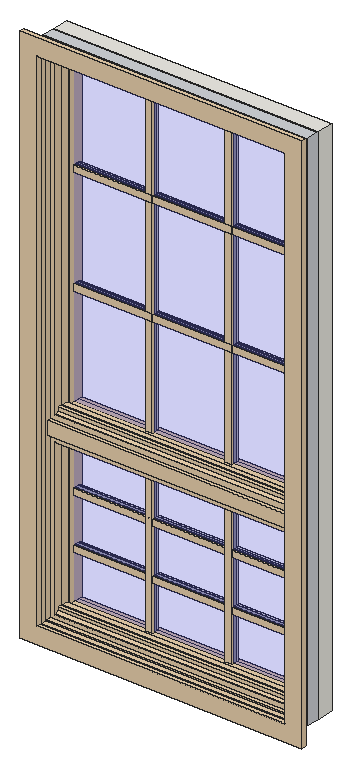
Revit family "1 Window-Awning-Andersen-400_Series_Stacked", category Windows, host Wall, Revit 2014 (continued)
Dimensions and locks (in)
  locked: plane 63 "T Int Frame" to plane 7 "T Frame" at 1.11
  locked: plane 6 "B Frame" to plane 64 "B Int Frame" at 0.985
  locked: plane 65 "L Int Frame" to plane 5 "L Frame" at 1.109
  locked: plane 4 "R Frame" to plane 66 "R Int Frame" at 1.109
  locked: Extrusion 11 sketch curve to plane 20 "R Stop" at 0.188
  locked: Extrusion 11 sketch curve to plane 61 "Stop S1" at 1  (x2)
  locked: plane 10 "L Stop" to Extrusion 11 sketch curve at 0.188
  locked: plane 4 "R Frame" to Sweep 12 sketch curve at 1.09375
  "Step Jamb2": plane 49 "Frame S2" to Sweep 12 sketch curve
  "xjamb S1": host wall to plane 58 "Xjamb S1"
  "Head Stop Dim": plane 67 "T Stop" to plane 7 "T Frame"
  "Sill Stop Dim": plane 6 "B Frame" to plane 68 "B Stop"
  equal spacing: plane 64 "B Int Frame", curve 91, plane 62 "T Sash"
  locked: cut or joined group of Extrusion 10, Extrusion 11, Sweep 12, Extrusion 13, Extrusion 14 to Extrusion 10 sketch curve at 1.515
  locked: plane 48 "Sash1 S2" to Extrusion 10 sketch curve at 0.267
  locked: plane 48 "Sash1 S2" to Extrusion 10 sketch curve at 1
  locked: Extrusion 10 sketch curve to Extrusion 10 sketch curve at 0.077
  locked: Extrusion 10 sketch curve to Extrusion 10 sketch curve at 0.56794
  locked: Extrusion 10 sketch curve to Extrusion 10 sketch curve at 0.41084
  locked: Extrusion 10 sketch curve to Extrusion 10 sketch curve at 0.28306
  locked: Extrusion 10 sketch curve to Extrusion 10 sketch curve at 0.751
  locked: plane 48 "Sash1 S2" to Extrusion 10 sketch curve at 2
  locked: Extrusion 13 sketch curve to plane 63 "T Int Frame" at 0.795
  locked: Extrusion 13 sketch curve to plane 63 "T Int Frame" at 1.15563
  locked: plane 48 "Sash1 S2" to Extrusion 13 sketch curve at 1
  locked: Masking region 5 sketch curve to plane 6 "B Frame" at 0.1875
  locked: Extrusion 5 sketch curve to plane 6 "B Frame" at 0.1875
  "Step Jamb2": plane 49 "Frame S2" to Masking region 11 sketch curve
  plane 38 "B Ext Frame" to plane 68 "B Stop" = 0' - 1.93689"
  locked: Extrusion 14 sketch curve to Extrusion 14 sketch curve at 4.46878
  locked: Extrusion 14 sketch curve to Extrusion 14 sketch curve at 0.361
  locked: Extrusion 14 sketch curve to Extrusion 14 sketch curve at 0.795
  locked: Extrusion 14 sketch curve to Extrusion 14 sketch curve at 1.79778
  locked: Extrusion 14 sketch curve to Extrusion 14 sketch curve at 0.687
  locked: Extrusion 14 sketch curve to Extrusion 14 sketch curve at 0.34016
  locked: Extrusion 14 sketch curve to Extrusion 14 sketch curve at 0.41084
  locked: Extrusion 14 sketch curve to Extrusion 14 sketch curve at 2.518
  locked: Extrusion 14 sketch curve to Extrusion 14 sketch curve at 1  (x2)
  locked: Extrusion 14 sketch curve to Extrusion 14 sketch curve at 0.29135
  locked: Extrusion 14 sketch curve to Extrusion 14 sketch curve at 0.70865
  locked: Extrusion 14 sketch curve to Extrusion 14 sketch curve at 0.56794
  locked: Extrusion 14 sketch curve to Extrusion 14 sketch curve at 0.28306
  locked: Extrusion 14 sketch curve to Extrusion 14 sketch curve at 0.149
  locked: Extrusion 14 sketch curve to Extrusion 14 sketch curve at 0.30554
  locked: Extrusion 15 sketch curve to Extrusion 15 sketch curve at 2.312
  locked: Extrusion 15 sketch curve to Extrusion 15 sketch curve at 2.07303  (x2)
  locked: Extrusion 15 sketch curve to Extrusion 15 sketch curve at 0.88378
  locked: Extrusion 15 sketch curve to Extrusion 15 sketch curve at 0.08989  (x2)
  equal spacing: Extrusion 15, plane 69 "Center of Intregal Mull", Extrusion 15, locked at 0.44189 each
  equal spacing: Extrusion 14, plane 69 "Center of Intregal Mull", Extrusion 14, locked at 0.89889 each
  equal spacing: curve 261, plane 69 "Center of Intregal Mull", curve 296, locked at 0.89889 each
  "XJoin": plane 6 "B Frame" to plane 69 "Center of Intregal Mull"
  locked: plane 40 "B Casing 1" to Masking region 5 sketch curve (angle 10.00°)
  locked: plane 40 "B Casing 1" to Masking region 6 sketch curve (angle 10.00°)
  locked: plane 40 "B Casing 1" to Extrusion 5 sketch curve (angle 10.00°)
  aligned and locked: level to plane 2
  aligned and locked: plane 7 "T Frame" to Extrusion 1 sketch curve
  aligned and locked: plane 5 "L Frame" to Extrusion 1 sketch curve
  aligned and locked: Extrusion 1 sketch curve to plane 4 "R Frame"
  aligned and locked: Extrusion 1 sketch curve to plane 6 "B Frame"
  aligned and locked: host wall to Extrusion 1
  aligned and locked: plane 47 "Flange" to Extrusion 1
  aligned and locked: Masking region 1 sketch curve to plane 46 "Frame S1"
  aligned and locked: Masking region 1 sketch curve to plane 4 "R Frame"
  aligned and locked: plane 5 "L Frame" to Masking region 1 sketch curve
  aligned and locked: plane 47 "Flange" to Masking region 2 sketch curve  (x2)
  aligned and locked: plane 4 "R Frame" to Masking region 2 sketch curve
  aligned and locked: plane 46 "Frame S1" to Masking region 2 sketch curve
  aligned and locked: Masking region 2 sketch curve to plane 5 "L Frame"
  aligned and locked: plane 17 "L Casing 4" to Masking region 2 sketch curve
  aligned and locked: Masking region 2 sketch curve to plane 44 "Casing S1"
  aligned and locked: plane 45 "Casing S2" to curve 1
  aligned and locked: plane 12 "L Casing 1" to curve 3
  aligned and locked: plane 46 "Frame S1" to curve 3
  aligned and locked: Masking region 2 sketch curve to plane 27 "R Casing 4"
  aligned and locked: plane 46 "Frame S1" to curve 8
  aligned and locked: Masking region 3 sketch curve to plane 4 "R Frame"
  aligned and locked: plane 5 "L Frame" to Masking region 3 sketch curve
  aligned and locked: Masking region 3 sketch curve to plane 51 "Exterior Offset"
  aligned and locked: plane 51 "Exterior Offset" to curve 9
  aligned and locked: plane 51 "Exterior Offset" to curve 10
  aligned and locked: host wall to curve 11
  aligned and locked: plane 7 "T Frame" to Masking region 4 sketch curve
  aligned and locked: Masking region 4 sketch curve to plane 6 "B Frame"
  aligned and locked: Masking region 4 sketch curve to plane 46 "Frame S1"
  aligned and locked: plane 46 "Frame S1" to Masking region 5 sketch curve
  aligned and locked: Masking region 5 sketch curve to plane 46 "Frame S1"
  aligned and locked: Masking region 5 sketch curve to plane 47 "Flange"
  aligned and locked: Masking region 5 sketch curve to plane 6 "B Frame"
  aligned and locked: plane 41 "B Casing 2" to Masking region 5 sketch curve
  aligned and locked: Masking region 6 sketch curve to plane 46 "Frame S1"
  aligned and locked: plane 44 "Casing S1" to Masking region 6 sketch curve
  aligned and locked: Masking region 6 sketch curve to plane 36 "T Casing 4"
  aligned and locked: Masking region 6 sketch curve to plane 47 "Flange"
  aligned and locked: plane 7 "T Frame" to Masking region 6 sketch curve
  aligned and locked: plane 45 "Casing S2" to curve 13
  aligned and locked: plane 31 "T Casing 1" to curve 15
  aligned and locked: plane 46 "Frame S1" to curve 15
  aligned and locked: plane 5 "L Frame" to curve 17
  aligned and locked: Masking region 3 sketch curve to host wall
  aligned and locked: plane 30 "T Xjamb 1" to Extrusion 3 sketch curve
  aligned and locked: plane 32 "T Xjamb 2" to Extrusion 3 sketch curve
  aligned and locked: Extrusion 3 sketch curve to plane 21 "R Xjamb 1"
  aligned and locked: Extrusion 3 sketch curve to plane 23 "R Xjamb 2"
  aligned and locked: plane 11 "L Xjamb 1" to Extrusion 3 sketch curve
  aligned and locked: plane 13 "L Xjamb 2" to Extrusion 3 sketch curve
  aligned and locked: Extrusion 3 sketch curve to plane 50 "B Xjamb 1"
  aligned and locked: Extrusion 3 sketch curve to plane 39 "B Xjamb 2"
  aligned and locked: plane 30 "T Xjamb 1" to Extrusion 4 sketch curve
  aligned and locked: plane 37 "T Int Casing" to Extrusion 4 sketch curve
  aligned and locked: Extrusion 4 sketch curve to plane 21 "R Xjamb 1"
  aligned and locked: Extrusion 4 sketch curve to plane 28 "R Int Casing"
  aligned and locked: plane 11 "L Xjamb 1" to Extrusion 4 sketch curve
  aligned and locked: plane 43 "L Int Casing" to Extrusion 4 sketch curve
  aligned and locked: Extrusion 4 sketch curve to plane 50 "B Xjamb 1"
  aligned and locked: Extrusion 4 sketch curve to plane 42 "B Int Casing"
  aligned and locked: Extrusion 4 to host wall
  aligned and locked: Extrusion 4 to plane 52 "Interior Casing"
  aligned and locked: plane 41 "B Casing 2" to Extrusion 5 sketch curve
  aligned and locked: plane 41 "B Casing 2" to Sweep 6 sketch curve  (x2)
  aligned and locked: plane 17 "L Casing 4" to Sweep 6 sketch curve  (x2)
  aligned and locked: Sweep 6 sketch curve to plane 27 "R Casing 4"
  aligned and locked: plane 36 "T Casing 4" to Sweep 6 sketch curve
  aligned and locked: plane 16 "L Casing 3" to Sweep 6 sketch curve
  aligned and locked: plane 45 "Casing S2" to Sweep 6 sketch curve
  aligned and locked: Sweep 6 sketch curve to plane 44 "Casing S1"
  aligned and locked: plane 47 "Flange" to Sweep 6 sketch curve
  aligned and locked: Sweep 6 sketch curve to plane 12 "L Casing 1"
  aligned and locked: Sweep 6 sketch curve to plane 45 "Casing S2"
  aligned and locked: plane 15 "L Casing 2" to Sweep 6 sketch curve
  aligned and locked: Extrusion 5 to plane 17 "L Casing 4"
  aligned and locked: plane 27 "R Casing 4" to Extrusion 5
  aligned and locked: plane 31 "T Casing 1" to Extrusion 7 sketch curve
  aligned and locked: plane 36 "T Casing 4" to Extrusion 7 sketch curve
  aligned and locked: plane 12 "L Casing 1" to Extrusion 7 sketch curve
  aligned and locked: plane 17 "L Casing 4" to Extrusion 7 sketch curve
  aligned and locked: Extrusion 7 sketch curve to plane 22 "R Casing 1"
  aligned and locked: Extrusion 7 sketch curve to plane 27 "R Casing 4"
  aligned and locked: Extrusion 7 sketch curve to plane 41 "B Casing 2"
  aligned and locked: plane 44 "Casing S1" to Extrusion 7
  aligned and locked: plane 47 "Flange" to Extrusion 7
  aligned and locked: Extrusion 5 sketch curve to plane 47 "Flange"
  aligned and locked: host wall to Masking region 7 sketch curve
  aligned and locked: plane 4 "R Frame" to Masking region 7 sketch curve
  aligned and locked: Masking region 7 sketch curve to plane 5 "L Frame"
  aligned and locked: plane 51 "Exterior Offset" to Masking region 7 sketch curve
  aligned and locked: plane 27 "R Casing 4" to Masking region 7 sketch curve
  aligned and locked: Masking region 7 sketch curve to plane 17 "L Casing 4"
  aligned and locked: host wall to curve 9
  aligned and locked: plane 7 "T Frame" to Extrusion 8 sketch curve
  aligned and locked: Extrusion 8 sketch curve to plane 4 "R Frame"
  aligned and locked: Extrusion 8 sketch curve to plane 6 "B Frame"
  aligned and locked: plane 5 "L Frame" to Extrusion 8 sketch curve
  aligned and locked: plane 29 "T Ext Frame" to Extrusion 8 sketch curve
  aligned and locked: Extrusion 8 sketch curve to plane 19 "R Ext Frame"
  aligned and locked: plane 9 "L Ext Frame" to Extrusion 8 sketch curve
  aligned and locked: Extrusion 8 sketch curve to plane 38 "B Ext Frame"
  aligned and locked: plane 46 "Frame S1" to Extrusion 8
  aligned and locked: plane 48 "Sash1 S2" to curve 8
  aligned and locked: plane 48 "Sash1 S2" to curve 7
  aligned and locked: plane 49 "Frame S2" to Masking region 1 sketch curve
  aligned and locked: plane 61 "Stop S1" to curve 69
  aligned and locked: plane 61 "Stop S1" to curve 67
  aligned and locked: Masking region 1 sketch curve to plane 49 "Frame S2"
  aligned and locked: plane 61 "Stop S1" to Masking region 4 sketch curve
  aligned and locked: plane 49 "Frame S2" to Masking region 4 sketch curve
  aligned and locked: Masking region 4 sketch curve to plane 49 "Frame S2"
  aligned and locked: Extrusion 8 to plane 48 "Sash1 S2"
  aligned and locked: plane 63 "T Int Frame" to Extrusion 9 sketch curve
  aligned and locked: plane 65 "L Int Frame" to Extrusion 9 sketch curve
  aligned and locked: Extrusion 9 sketch curve to plane 66 "R Int Frame"
  aligned and locked: Extrusion 9 sketch curve to plane 64 "B Int Frame"
  aligned and locked: Extrusion 9 sketch curve to plane 6 "B Frame"
  aligned and locked: Extrusion 9 sketch curve to plane 4 "R Frame"
  aligned and locked: plane 7 "T Frame" to Extrusion 9 sketch curve
  aligned and locked: plane 5 "L Frame" to Extrusion 9 sketch curve
  aligned and locked: plane 48 "Sash1 S2" to Extrusion 9
  aligned and locked: Extrusion 9 to plane 49 "Frame S2"
  aligned and locked: plane 66 "R Int Frame" to Extrusion 10
  aligned and locked: Extrusion 10 to plane 65 "L Int Frame"
  aligned and locked: Extrusion 11 sketch curve to plane 48 "Sash1 S2"
  aligned and locked: Extrusion 11 sketch curve to plane 66 "R Int Frame"
  aligned and locked: plane 61 "Stop S1" to Extrusion 11 sketch curve
  aligned and locked: plane 20 "R Stop" to Extrusion 11 sketch curve
  aligned and locked: plane 10 "L Stop" to Extrusion 11 sketch curve
  aligned and locked: plane 48 "Sash1 S2" to Extrusion 11 sketch curve
  aligned and locked: Extrusion 11 sketch curve to plane 65 "L Int Frame"
  aligned and locked: Extrusion 11 sketch curve to plane 61 "Stop S1"
  aligned and locked: plane 64 "B Int Frame" to Extrusion 11
  aligned and locked: Extrusion 11 to plane 63 "T Int Frame"
  aligned and locked: Masking region 1 sketch curve to plane 66 "R Int Frame"
  aligned and locked: Masking region 1 sketch curve to plane 65 "L Int Frame"
  aligned and locked: plane 7 "T Frame" to Sweep 12 sketch curve
  aligned and locked: plane 5 "L Frame" to Sweep 12 sketch curve
  aligned and locked: Sweep 12 sketch curve to plane 6 "B Frame"
  aligned and locked: Sweep 12 sketch curve to plane 4 "R Frame"
  aligned and locked: Sweep 12 sketch curve to plane 49 "Frame S2"
  aligned and locked: plane 58 "Xjamb S1" to Extrusion 3
  aligned and locked: host wall to Extrusion 3
  aligned and locked: Masking region 4 sketch curve to plane 63 "T Int Frame"
  aligned and locked: Masking region 4 sketch curve to plane 64 "B Int Frame"
  aligned and locked: plane 48 "Sash1 S2" to Extrusion 10 sketch curve
  aligned and locked: plane 64 "B Int Frame" to Extrusion 10 sketch curve
  aligned and locked: plane 60 "L Sash" to curve 91
  aligned and locked: plane 4 "R Frame" to curve 98
  aligned and locked: plane 5 "L Frame" to curve 98
  aligned and locked: host wall to curve 98
  aligned and locked: Masking region 8 sketch curve to plane 58 "Xjamb S1"  (x2)
  aligned and locked: Masking region 8 sketch curve to Sweep 12  (x3)
  aligned and locked: Masking region 8 sketch curve to plane 63 "T Int Frame"
  aligned and locked: Masking region 8 sketch curve to plane 61 "Stop S1"
  aligned and locked: plane 64 "B Int Frame" to Masking region 8 sketch curve
  aligned and locked: Masking region 9 sketch curve to plane 32 "T Xjamb 2"
  aligned and locked: plane 58 "Xjamb S1" to Masking region 9 sketch curve  (x2)
  aligned and locked: plane 63 "T Int Frame" to Masking region 9 sketch curve
  aligned and locked: plane 61 "Stop S1" to Masking region 9 sketch curve
  aligned and locked: Masking region 9 sketch curve to plane 64 "B Int Frame"
  aligned and locked: plane 39 "B Xjamb 2" to Masking region 9 sketch curve
  aligned and locked: host wall to Masking region 9 sketch curve
  aligned and locked: host wall to Masking region 10 sketch curve
  aligned and locked: Masking region 10 sketch curve to plane 42 "B Int Casing"
  aligned and locked: plane 52 "Interior Casing" to Masking region 10 sketch curve
  aligned and locked: plane 37 "T Int Casing" to Masking region 10 sketch curve
  aligned and locked: Sweep 12 to curve 102
  aligned and locked: plane 64 "B Int Frame" to curve 102
  aligned and locked: host wall to curve 103
  aligned and locked: plane 50 "B Xjamb 1" to curve 103
  aligned and locked: plane 52 "Interior Casing" to curve 104
  aligned and locked: plane 50 "B Xjamb 1" to curve 104
  aligned and locked: Sweep 12 to curve 99
  aligned and locked: plane 63 "T Int Frame" to curve 99
  aligned and locked: host wall to curve 100
  aligned and locked: plane 30 "T Xjamb 1" to curve 100
  aligned and locked: plane 52 "Interior Casing" to curve 101
  aligned and locked: plane 30 "T Xjamb 1" to curve 101
  aligned and locked: Masking region 11 sketch curve to plane 58 "Xjamb S1"  (x2)
  aligned and locked: plane 66 "R Int Frame" to Masking region 11 sketch curve
  aligned and locked: Masking region 11 sketch curve to plane 61 "Stop S1"
  aligned and locked: Masking region 11 sketch curve to plane 65 "L Int Frame"
  aligned and locked: Masking region 11 sketch curve to Sweep 12  (x2)
  aligned and locked: Masking region 12 sketch curve to plane 58 "Xjamb S1"  (x2)
  aligned and locked: plane 66 "R Int Frame" to Masking region 12 sketch curve
  aligned and locked: Masking region 12 sketch curve to plane 61 "Stop S1"
  aligned and locked: Masking region 12 sketch curve to plane 65 "L Int Frame"
  aligned and locked: plane 13 "L Xjamb 2" to Masking region 12 sketch curve
  aligned and locked: Masking region 12 sketch curve to host wall
  aligned and locked: Masking region 12 sketch curve to plane 23 "R Xjamb 2"
  aligned and locked: host wall to Masking region 13 sketch curve
  aligned and locked: plane 43 "L Int Casing" to Masking region 13 sketch curve
  aligned and locked: plane 52 "Interior Casing" to Masking region 13 sketch curve
  aligned and locked: Masking region 13 sketch curve to plane 28 "R Int Casing"
  aligned and locked: plane 58 "Xjamb S1" to curve 108
  aligned and locked: Sweep 12 to curve 108
  aligned and locked: plane 65 "L Int Frame" to curve 108
  aligned and locked: plane 58 "Xjamb S1" to curve 109
  aligned and locked: host wall to curve 109
  aligned and locked: plane 11 "L Xjamb 1" to curve 109
  aligned and locked: plane 52 "Interior Casing" to curve 110
  aligned and locked: plane 11 "L Xjamb 1" to curve 110
  aligned and locked: plane 58 "Xjamb S1" to curve 105
  aligned and locked: Sweep 12 to curve 105
  aligned and locked: plane 66 "R Int Frame" to curve 105
  aligned and locked: plane 58 "Xjamb S1" to curve 106
  aligned and locked: host wall to curve 106
  aligned and locked: plane 21 "R Xjamb 1" to curve 106
  aligned and locked: plane 52 "Interior Casing" to curve 107
  aligned and locked: plane 21 "R Xjamb 1" to curve 107
  aligned and locked: plane 61 "Stop S1" to Masking region 1 sketch curve
  aligned and locked: Extrusion 13 sketch curve to plane 63 "T Int Frame"
  aligned and locked: plane 48 "Sash1 S2" to Extrusion 13 sketch curve
  aligned and locked: Extrusion 13 sketch curve to plane 61 "Stop S1"
  aligned and locked: Extrusion 13 to plane 65 "L Int Frame"
  aligned and locked: plane 66 "R Int Frame" to Extrusion 13
  aligned and locked: plane 4 "R Frame" to curve 18
  aligned and locked: plane 47 "Flange" to curve 18
  aligned and locked: plane 5 "L Frame" to curve 50
  aligned and locked: curve 50 to plane 47 "Flange"
  aligned and locked: plane 6 "B Frame" to curve 89
  aligned and locked: plane 47 "Flange" to curve 89
  aligned and locked: plane 7 "T Frame" to curve 88
  aligned and locked: plane 47 "Flange" to curve 88
  aligned and locked: plane 25 "R Casing 2" to curve 5
  aligned and locked: plane 45 "Casing S2" to curve 4
  aligned and locked: plane 26 "R Casing 3" to curve 4
  aligned and locked: plane 44 "Casing S1" to curve 4
  aligned and locked: plane 15 "L Casing 2" to curve 2
  aligned and locked: plane 16 "L Casing 3" to curve 1
  aligned and locked: plane 34 "T Casing 2" to curve 14
  aligned and locked: plane 35 "T Casing 3" to curve 13
  aligned and locked: plane 44 "Casing S1" to curve 13
  aligned and locked: Extrusion 5 sketch curve to plane 6 "B Frame"
  aligned and locked: Masking region 6 sketch curve to cut or joined group of Extrusion 5, Sweep 6
  aligned and locked: Extrusion 7 sketch curve to plane 6 "B Frame"
  aligned and locked: plane 44 "Casing S1" to curve 16
  aligned and locked: plane 44 "Casing S1" to curve 17
  aligned and locked: plane 44 "Casing S1" to curve 188
  aligned and locked: plane 47 "Flange" to curve 188
  aligned and locked: plane 49 "Frame S2" to curve 189
  aligned and locked: plane 44 "Casing S1" to curve 186
  aligned and locked: plane 47 "Flange" to curve 186
  aligned and locked: plane 49 "Frame S2" to curve 187
  aligned and locked: plane 17 "L Casing 4" to curve 188
  aligned and locked: plane 5 "L Frame" to curve 189
  aligned and locked: plane 27 "R Casing 4" to curve 186
  aligned and locked: plane 4 "R Frame" to curve 187
  aligned and locked: plane 47 "Flange" to curve 190
  aligned and locked: plane 36 "T Casing 4" to curve 190
  aligned and locked: plane 46 "Frame S1" to curve 191
  aligned and locked: plane 7 "T Frame" to curve 191
  aligned and locked: plane 44 "Casing S1" to curve 192
  aligned and locked: plane 47 "Flange" to curve 192
  aligned and locked: plane 41 "B Casing 2" to curve 192
  aligned and locked: plane 46 "Frame S1" to curve 193
  aligned and locked: plane 6 "B Frame" to curve 193
  aligned and locked: plane 47 "Flange" to curve 187
  aligned and locked: plane 47 "Flange" to curve 189
  aligned and locked: plane 19 "R Ext Frame" to curve 7
  aligned and locked: plane 19 "R Ext Frame" to curve 68
  aligned and locked: plane 9 "L Ext Frame" to curve 8
  aligned and locked: plane 9 "L Ext Frame" to curve 66
  aligned and locked: plane 19 "R Ext Frame" to nested 1
  aligned and locked: nested 1 to plane 48 "Sash1 S2"
  aligned and locked: nested 1 to plane 29 "T Ext Frame"
  aligned and locked: nested 2 to plane 48 "Sash1 S2"
  aligned and locked: plane 38 "B Ext Frame" to nested 2
  aligned and locked: plane 9 "L Ext Frame" to nested 2
  aligned and locked: plane 46 "Frame S1" to Extrusion 15
  aligned and locked: Extrusion 14 to plane 61 "Stop S1"
  aligned and locked: curve 322 to plane 46 "Frame S1"
  aligned and locked: Extrusion 14 to plane 65 "L Int Frame"
  aligned and locked: Extrusion 15 to plane 9 "L Ext Frame"
  aligned and locked: plane 19 "R Ext Frame" to Extrusion 15
  aligned and locked: plane 66 "R Int Frame" to Extrusion 14
  aligned and locked: plane 29 "T Ext Frame" to curve 70
Automatic sketch dimensions
  curve 16 to curve 16 = 0' - 0 3/16"
  curve 147 to curve 149 = 0' - 0.655"
  curve 149 to curve 70 = 0' - 1.549"
  curve 71 to curve 143 = 0' - 0.107"
  curve 143 to curve 77 = 0' - 0.066"
  curve 77 to curve 86 = 0' - 0.626"
  curve 74 to curve 142 = 0' - 0.844"
  curve 87 to curve 76 = 0' - 0.371"
  curve 80 to curve 79 = 0' - 0.313"
  curve 79 to curve 78 = 0' - 0.187"
  curve 78 to curve 146 = 0' - 0.07303"
  curve 150 to curve 147 = 0' - 0.345"
  curve 72 to curve 72 = 0' - 0.345"
  curve 144 to curve 71 = 0' - 0.549"
  curve 76 to curve 83 = 0' - 0.096"
  curve 70 to curve 88 = 0' - 0.451"
  curve 84 to curve 86 = 0' - 0.096"
  curve 145 to curve 145 = 0' - 0.23897"
  curve 77 to curve 87 = 0' - 0.0062"
  curve 77 to curve 149 = 0' - 0.109"
  curve 86 to curve 85 = 0' - 0.25024"
  curve 73 to curve 149 = 0' - 0.361"
  curve 85 to curve 85 = 0' - 0.23255"
  curve 76 to curve 141 = 0' - 0.053"
  curve 76 to curve 143 = 0' - 0.4378"
  curve 150 to curve 147 = 0' - 0.545"
  curve 71 to curve 74 = 0' - 0.174"
  curve 147 to curve 72 = 0' - 0 1/4"
  curve 74 to curve 80 = 0' - 0.281"
  curve 80 to curve 79 = 0' - 0.156"
  curve 74 to curve 70 = 0' - 0.533"
  curve 70 to curve 146 = 0' - 0.08989"
  curve 82 to curve 86 = 0' - 0.0062"
  curve 77 to curve 83 = 0' - 0"
  curve 82 to curve 84 = 0' - 0.13544"
  curve 73 to curve 81 = 0' - 0.081"
  curve 144 to curve 75 = 0' - 0.217"
  curve 70 to curve 88 = 0' - 0.653"
  curve 88 to curve 88 = 0' - 1 5/8"
  curve 177 to curve 153 = 0' - 0.196"
  curve 177 to curve 179 = 0' - 0.28306"
  curve 154 to curve 185 = 0' - 0.27094"
  curve 154 to curve 180 = 0' - 0.56794"
  curve 180 to curve 181 = 0' - 0.733"
  curve 181 to curve 182 = 0' - 0.267"
  curve 156 to curve 175 = 0' - 0.549"
  curve 152 to curve 171 = 0' - 0.107"
  curve 171 to curve 158 = 0' - 0.066"
  curve 158 to curve 168 = 0' - 0.626"
  curve 155 to curve 161 = 0' - 0.844"
  curve 168 to curve 166 = 0' - 0.371"
  curve 161 to curve 160 = 0' - 0.313"
  curve 160 to curve 160 = 0' - 0.187"
  curve 159 to curve 174 = 0' - 0.07303"
  curve 178 to curve 177 = 0' - 0.149"
  curve 153 to curve 153 = 0' - 0.345"
  curve 185 to curve 179 = 0' - 0.047"
  curve 158 to curve 165 = 0' - 0.096"
  curve 151 to curve 89 = 0' - 0.451"
  curve 163 to curve 168 = 0' - 0.096"
  curve 173 to curve 173 = 0' - 0.23897"
  curve 173 to curve 151 = 0' - 0.08989"
  curve 151 to curve 160 = 0' - 0.096"
  curve 160 to curve 170 = 0' - 0.156"
  curve 151 to curve 153 = 0' - 0.457"
  curve 161 to curve 155 = 0' - 0.281"
  curve 155 to curve 175 = 0' - 0.174"
  curve 152 to curve 172 = 0' - 0.0882"
  curve 152 to curve 156 = 0' - 0.217"
  curve 175 to curve 177 = 0' - 0.437"
  curve 155 to curve 169 = 0' - 0.647"
  curve 171 to curve 157 = 0' - 0.4378"
  curve 177 to curve 185 = 0' - 0.267"
  curve 157 to curve 167 = 0' - 0.23255"
  curve 184 to curve 154 = 0' - 0.07316"
  curve 156 to curve 156 = 0' - 0.768"
  curve 166 to curve 167 = 0' - 0.25024"
  curve 157 to curve 162 = 0' - 0.489"
  curve 184 to curve 180 = 0' - 0.484"
  curve 156 to curve 181 = 0' - 0.28"
  curve 89 to curve 151 = 0' - 2.153"
  curve 89 to curve 151 = 0' - 0.528"
  curve 165 to curve 158 = 0' - 0.13544"
  curve 162 to curve 156 = 0' - 0.095"
  curve 183 to curve 179 = 0' - 0.296"
  curve 167 to curve 163 = 0' - 0.0062"
  curve 158 to curve 164 = 0' - 0"
  curve 111 to curve 111 = 0' - 0.05924"
  curve 111 to curve 24 = 0' - 0.094"
  curve 111 to curve 23 = 0' - 0.1128"
  curve 23 to curve 21 = 0' - 0.02383"
  curve 21 to curve 21 = 0' - 0.12559"
  curve 23 to curve 115 = 0' - 0.30812"
  curve 21 to curve 118 = 0' - 0.30153"
  curve 22 to curve 113 = 0' - 0.25884"
  curve 22 to curve 25 = 0' - 0.6057"
  curve 113 to curve 27 = 0' - 0.4"
  curve 19 to curve 92 = 0' - 0.531"
  curve 92 to curve 92 = 0' - 0.36"
  curve 26 to curve 26 = 0' - 0 5/8"
  curve 27 to curve 27 = 0' - 0 5/8"
  curve 18 to curve 111 = 0' - 2.04524"
  curve 18 to curve 111 = 0' - 0.54524"
  curve 117 to curve 113 = 0' - 0.291"
  curve 40 to curve 41 = 0' - 0.35617"
  curve 46 to curve 26 = 0' - 0.12475"
  curve 45 to curve 27 = 0' - 0"
  curve 44 to curve 26 = 0' - 0"
  curve 20 to curve 117 = 0' - 1.0675"
  curve 117 to curve 118 = 0' - 0.527"
  curve 20 to curve 28 = 0' - 0.722"
  curve 19 to curve 113 = 0' - 0.291"
  curve 27 to curve 26 = 0' - 0.626"
  curve 22 to curve 112 = 0' - 0.557"
  curve 21 to curve 115 = 0' - 0 1/8"
  curve 26 to curve 138 = 0' - 0.402"
  curve 23 to curve 111 = 0' - 0.275"
  curve 111 to curve 23 = 0' - 0.038"
  curve 40 to curve 138 = 0' - 0 1/4"
  curve 93 to curve 92 = 0' - 0.9325"
  curve 19 to curve 93 = 0' - 0"
  curve 27 to curve 45 = 0' - 0.096"
  curve 18 to curve 111 = 0' - 0 3/8"
  curve 44 to curve 26 = 0' - 0.096"
  curve 24 to curve 135 = 0' - 0.312"
  curve 119 to curve 119 = 0' - 0.05924"
  curve 119 to curve 35 = 0' - 0.094"
  curve 119 to curve 34 = 0' - 0.1128"
  curve 34 to curve 32 = 0' - 0.02383"
  curve 32 to curve 32 = 0' - 0.12559"
  curve 34 to curve 123 = 0' - 0.30812"
  curve 32 to curve 126 = 0' - 0.30153"
  curve 33 to curve 121 = 0' - 0.25884"
  curve 33 to curve 36 = 0' - 0.6057"
  curve 121 to curve 38 = 0' - 0.4"
  curve 30 to curve 94 = 0' - 0.531"
  curve 94 to curve 94 = 0' - 0.36"
  curve 37 to curve 37 = 0' - 0 5/8"
  curve 38 to curve 38 = 0' - 0 5/8"
  curve 29 to curve 119 = 0' - 2.04524"
  curve 29 to curve 119 = 0' - 0.54524"
  curve 125 to curve 121 = 0' - 0.291"
  curve 42 to curve 43 = 0' - 0.35617"
  curve 49 to curve 37 = 0' - 0.12475"
  curve 48 to curve 38 = 0' - 0"
  curve 47 to curve 37 = 0' - 0"
  curve 31 to curve 125 = 0' - 1.0675"
  curve 125 to curve 126 = 0' - 0.527"
  curve 31 to curve 39 = 0' - 0.722"
  curve 30 to curve 121 = 0' - 0.291"
  curve 38 to curve 37 = 0' - 0.626"
  curve 33 to curve 120 = 0' - 0.557"
  curve 32 to curve 123 = 0' - 0 1/8"
  curve 37 to curve 139 = 0' - 0.402"
  curve 34 to curve 119 = 0' - 0.275"
  curve 119 to curve 34 = 0' - 0.038"
  curve 42 to curve 139 = 0' - 0 1/4"
  curve 95 to curve 94 = 0' - 0.9325"
  curve 30 to curve 95 = 0' - 0"
  curve 38 to curve 48 = 0' - 0.096"
  curve 29 to curve 119 = 0' - 0 3/8"
  curve 47 to curve 37 = 0' - 0.096"
  curve 35 to curve 136 = 0' - 0.312"
  curve 127 to curve 127 = 0' - 0.05924"
  curve 127 to curve 56 = 0' - 0.094"
  curve 127 to curve 55 = 0' - 0.1128"
  curve 55 to curve 53 = 0' - 0.02383"
  curve 53 to curve 53 = 0' - 0.12559"
  curve 55 to curve 131 = 0' - 0.30812"
  curve 53 to curve 134 = 0' - 0.30153"
  curve 54 to curve 129 = 0' - 0.25884"
  curve 54 to curve 57 = 0' - 0.6057"
  curve 129 to curve 59 = 0' - 0.4"
  curve 51 to curve 96 = 0' - 0.531"
  curve 96 to curve 96 = 0' - 0.36"
  curve 58 to curve 58 = 0' - 0 5/8"
  curve 59 to curve 59 = 0' - 0 5/8"
  curve 50 to curve 127 = 0' - 2.04524"
  curve 50 to curve 127 = 0' - 0.54524"
  curve 133 to curve 129 = 0' - 0.291"
  curve 61 to curve 62 = 0' - 0.35617"
  curve 65 to curve 58 = 0' - 0.12475"
  curve 64 to curve 59 = 0' - 0"
  curve 63 to curve 58 = 0' - 0"
  curve 133 to curve 52 = 0' - 1.0675"
  curve 134 to curve 133 = 0' - 0.527"
  curve 60 to curve 52 = 0' - 0.722"
  curve 129 to curve 51 = 0' - 0.291"
  curve 58 to curve 59 = 0' - 0.626"
  curve 128 to curve 54 = 0' - 0.557"
  curve 131 to curve 53 = 0' - 0 1/8"
  curve 140 to curve 58 = 0' - 0.402"
  curve 127 to curve 55 = 0' - 0.275"
  curve 55 to curve 127 = 0' - 0.038"
  curve 140 to curve 61 = 0' - 0 1/4"
  curve 96 to curve 97 = 0' - 0.9325"
  curve 51 to curve 97 = 0' - 0"
  curve 64 to curve 59 = 0' - 0.096"
  curve 127 to curve 50 = 0' - 0 3/8"
  curve 58 to curve 63 = 0' - 0.096"
  curve 137 to curve 56 = 0' - 0.312"
  curve 221 to curve 197 = 0' - 0.196"
  curve 221 to curve 223 = 0' - 0.28306"
  curve 198 to curve 229 = 0' - 0.27094"
  curve 198 to curve 224 = 0' - 0.56794"
  curve 224 to curve 225 = 0' - 0.733"
  curve 225 to curve 226 = 0' - 0.267"
  curve 200 to curve 219 = 0' - 0.549"
  curve 196 to curve 215 = 0' - 0.107"
  curve 215 to curve 202 = 0' - 0.066"
  curve 202 to curve 212 = 0' - 0.626"
  curve 199 to curve 205 = 0' - 0.844"
  curve 212 to curve 210 = 0' - 0.371"
  curve 205 to curve 204 = 0' - 0.313"
  curve 204 to curve 204 = 0' - 0.187"
  curve 203 to curve 218 = 0' - 0.07303"
  curve 222 to curve 221 = 0' - 0.149"
  curve 197 to curve 197 = 0' - 0.345"
  curve 229 to curve 223 = 0' - 0.047"
  curve 202 to curve 209 = 0' - 0.096"
  curve 195 to curve 194 = 0' - 0.451"
  curve 207 to curve 212 = 0' - 0.096"
  curve 217 to curve 217 = 0' - 0.23897"
  curve 217 to curve 195 = 0' - 0.08989"
  curve 195 to curve 204 = 0' - 0.096"
  curve 204 to curve 214 = 0' - 0.156"
  curve 195 to curve 197 = 0' - 0.457"
  curve 205 to curve 199 = 0' - 0.281"
  curve 199 to curve 219 = 0' - 0.174"
  curve 196 to curve 216 = 0' - 0.0882"
  curve 196 to curve 200 = 0' - 0.217"
  curve 219 to curve 221 = 0' - 0.437"
  curve 199 to curve 213 = 0' - 0.647"
  curve 215 to curve 201 = 0' - 0.4378"
  curve 221 to curve 229 = 0' - 0.267"
  curve 201 to curve 211 = 0' - 0.23255"
  curve 228 to curve 198 = 0' - 0.07316"
  curve 200 to curve 200 = 0' - 0.768"
  curve 210 to curve 211 = 0' - 0.25024"
  curve 201 to curve 206 = 0' - 0.489"
  curve 228 to curve 224 = 0' - 0.484"
  curve 200 to curve 225 = 0' - 0.28"
  curve 194 to curve 195 = 0' - 2.153"
  curve 194 to curve 195 = 0' - 0.528"
  curve 209 to curve 202 = 0' - 0.13544"
  curve 206 to curve 200 = 0' - 0.095"
  curve 227 to curve 223 = 0' - 0.296"
  curve 211 to curve 207 = 0' - 0.0062"
  curve 202 to curve 208 = 0' - 0"
  curve 255 to curve 257 = 0' - 0.655"
  curve 257 to curve 230 = 0' - 1.549"
  curve 231 to curve 251 = 0' - 0.107"
  curve 251 to curve 237 = 0' - 0.066"
  curve 237 to curve 246 = 0' - 0.626"
  curve 234 to curve 250 = 0' - 0.844"
  curve 247 to curve 236 = 0' - 0.371"
  curve 240 to curve 239 = 0' - 0.313"
  curve 239 to curve 238 = 0' - 0.187"
  curve 238 to curve 254 = 0' - 0.07303"
  curve 258 to curve 255 = 0' - 0.345"
  curve 232 to curve 232 = 0' - 0.345"
  curve 252 to curve 231 = 0' - 0.549"
  curve 236 to curve 243 = 0' - 0.096"
  curve 230 to curve 248 = 0' - 0.451"
  curve 244 to curve 246 = 0' - 0.096"
  curve 253 to curve 253 = 0' - 0.23897"
  curve 237 to curve 247 = 0' - 0.0062"
  curve 237 to curve 257 = 0' - 0.109"
  curve 246 to curve 245 = 0' - 0.25024"
  curve 233 to curve 257 = 0' - 0.361"
  curve 245 to curve 245 = 0' - 0.23255"
  curve 236 to curve 249 = 0' - 0.053"
  curve 236 to curve 251 = 0' - 0.4378"
  curve 258 to curve 255 = 0' - 0.545"
  curve 231 to curve 234 = 0' - 0.174"
  curve 255 to curve 232 = 0' - 0 1/4"
  curve 234 to curve 240 = 0' - 0.281"
  curve 240 to curve 239 = 0' - 0.156"
  curve 234 to curve 230 = 0' - 0.533"
  curve 230 to curve 254 = 0' - 0.08989"
  curve 242 to curve 246 = 0' - 0.0062"
  curve 237 to curve 243 = 0' - 0"
  curve 242 to curve 244 = 0' - 0.13544"
  curve 233 to curve 241 = 0' - 0.081"
  curve 252 to curve 235 = 0' - 0.217"
  curve 230 to curve 248 = 0' - 0.653"
  curve 248 to curve 248 = 0' - 1 5/8"
  curve 285 to curve 261 = 0' - 0.71441"
  curve 285 to curve 287 = 0' - 0.80257"
  curve 262 to curve 293 = 0' - 0.28064"
  curve 262 to curve 288 = 0' - 0.57313"
  curve 288 to curve 289 = 0' - 0.733"
  curve 289 to curve 290 = 0' - 0.3869"
  curve 264 to curve 283 = 0' - 0.59033"
  curve 260 to curve 279 = 0' - 0.13866"
  curve 279 to curve 266 = 0' - 0.44275"
  curve 266 to curve 276 = 0' - 0.62603"
  curve 263 to curve 269 = 0' - 0.88955"
  curve 276 to curve 274 = 0' - 0.43786"
  curve 269 to curve 268 = 0' - 0.34972"
  curve 268 to curve 268 = 0' - 0.187"
  curve 267 to curve 282 = 0' - 0.19972"
  curve 286 to curve 285 = 0' - 0.149"
  curve 261 to curve 261 = 0' - 0.863"
  curve 293 to curve 287 = 0' - 0.29971"
  curve 266 to curve 273 = 0' - 0.16602"
  curve 271 to curve 276 = 0' - 0.096"
  curve 281 to curve 281 = 0' - 0.23897"
  curve 281 to curve 259 = 0' - 1.52668"
  curve 259 to curve 268 = 0' - 0.12062"
  curve 268 to curve 278 = 0' - 0.34972"
  curve 259 to curve 261 = 0' - 2.25088"
  curve 269 to curve 263 = 0' - 0.281"
  curve 263 to curve 283 = 0' - 0.20427"
  curve 260 to curve 280 = 0' - 0.13866"
  curve 260 to curve 264 = 0' - 0.59033"
  curve 283 to curve 285 = 0' - 0.47894"
  curve 263 to curve 277 = 0' - 0.81769"
  curve 279 to curve 265 = 0' - 0.44275"
  curve 285 to curve 293 = 0' - 0.61498"
  curve 265 to curve 275 = 0' - 0.23255"
  curve 292 to curve 262 = 0' - 0.28064"
  curve 264 to curve 264 = 0' - 0.768"
  curve 274 to curve 275 = 0' - 0.44751"
  curve 265 to curve 270 = 0' - 0.489"
  curve 292 to curve 288 = 0' - 0.56786"
  curve 264 to curve 289 = 0' - 0.3869"
  curve 273 to curve 266 = 0' - 0.16602"
  curve 270 to curve 264 = 0' - 0.095"
  curve 291 to curve 287 = 0' - 0.29971"
  curve 275 to curve 271 = 0' - 0.0962"
  curve 266 to curve 272 = 0' - 0.096"
  curve 318 to curve 320 = 0' - 1.11797"
  curve 320 to curve 294 = 0' - 1.99171"
  curve 295 to curve 314 = 0' - 0.13866"
  curve 314 to curve 301 = 0' - 0.44275"
  curve 301 to curve 310 = 0' - 0.62603"
  curve 298 to curve 313 = 0' - 0.88955"
  curve 311 to curve 300 = 0' - 0.371"
  curve 304 to curve 303 = 0' - 0.34972"
  curve 303 to curve 302 = 0' - 0.187"
  curve 302 to curve 317 = 0' - 0.12062"
  curve 321 to curve 318 = 0' - 0.64502"  (x2)
  curve 296 to curve 296 = 0' - 0.863"
  curve 315 to curve 295 = 0' - 0.59033"
  curve 300 to curve 307 = 0' - 0.096"
  curve 308 to curve 310 = 0' - 0.16099"
  curve 316 to curve 316 = 0' - 0.23897"
  curve 301 to curve 311 = 0' - 0.62603"
  curve 301 to curve 320 = 0' - 1.72545"
  curve 310 to curve 309 = 0' - 0.44751"
  curve 297 to curve 320 = 0' - 0.361"
  curve 309 to curve 309 = 0' - 0.23255"
  curve 300 to curve 312 = 0' - 0.28595"
  curve 300 to curve 314 = 0' - 0.44275"
  curve 295 to curve 298 = 0' - 0.20427"
  curve 318 to curve 296 = 0' - 0 1/4"
  curve 298 to curve 304 = 0' - 0.281"
  curve 304 to curve 303 = 0' - 0.52377"
  curve 298 to curve 294 = 0' - 0.54363"
  curve 294 to curve 317 = 0' - 0.08989"
  curve 306 to curve 310 = 0' - 0.0962"
  curve 301 to curve 307 = 0' - 0.096"
  curve 306 to curve 308 = 0' - 0.13544"
  curve 297 to curve 305 = 0' - 0.081"
  curve 315 to curve 299 = 0' - 0.217"
  curve 69 to plane 20 "R Stop" = 0' - 0"
  curve 66 to plane 10 "L Stop" = 0' - 0"
  curve 68 to plane 48 "Sash1 S2" = 0' - 0"
  curve 66 to plane 48 "Sash1 S2" = 0' - 0"
  curve 1 to plane 44 "Casing S1" = 0' - 0"
  curve 7 to plane 46 "Frame S1" = 0' - 0"
  curve 6 to plane 22 "R Casing 1" = 0' - 0"
  curve 6 to plane 46 "Frame S1" = 0' - 0"
  curve 17 to plane 46 "Frame S1" = 0' - 0"
  curve 16 to plane 4 "R Frame" = 0' - 0"
  curve 16 to plane 46 "Frame S1" = 0' - 0"
  host wall to curve 10 = 0' - 0"
  curve 9 to plane 20 "R Stop" = 0' - 0"
  curve 12 to plane 10 "L Stop" = 0' - 0"
  plane 68 "B Stop" to Extrusion 10 sketch curve = 0' - 0.28"
  Sweep 12 sketch curve to profile plane = 0' - 0"
  curve 90 to plane 38 "B Ext Frame" = 0' - 0"
  plane 59 "R Sash" to curve 90 = 0' - 0"
  plane 59 "R Sash" to curve 397 = 0' - 0"
  curve 396 to plane 3 "Center (Left/Right)" = 0' - 0"
  plane 60 "L Sash" to curve 396 = 0' - 0"
  plane 60 "L Sash" to curve 395 = 0' - 0"
  curve 91 to plane 3 "Center (Left/Right)" = 0' - 0.00163"
  plane 69 "Center of Intregal Mull" to curve 91 = 0' - 0 113/256"
  plane 62 "T Sash" to curve 397 = 0' - 0.10043"
  curve 91 to plane 38 "B Ext Frame" = 0' - 0.18664"
  curve 396 to plane 69 "Center of Intregal Mull" = 0' - 0.44189"
  curve 395 to curve 396 = 0' - 0"
  curve 397 to plane 69 "Center of Intregal Mull" = 0' - 0.44189"
  curve 190 to plane 44 "Casing S1" = 0' - 0"
  curve 193 to plane 49 "Frame S2" = 0' - 0"
  curve 191 to plane 49 "Frame S2" = 0' - 0"
  curve 100 to plane 58 "Xjamb S1" = 0' - 0"
  curve 99 to plane 58 "Xjamb S1" = 0' - 0"
  curve 103 to plane 58 "Xjamb S1" = 0' - 0"
  curve 102 to plane 58 "Xjamb S1" = 0' - 0"
  plane 52 "Interior Casing" to Extrusion 14 sketch curve = 0' - 4 3/16"
  Extrusion 14 sketch curve to plane 69 "Center of Intregal Mull" = 0' - 2.41389"
  plane 52 "Interior Casing" to Extrusion 15 sketch curve = 0' - 6.26053"
  plane 69 "Center of Intregal Mull" to Extrusion 15 sketch curve = 0' - 0.44189"
Nested families (in)
  nested 1: "Andersen_Sash_Panel" at (17.51725, 2.5625, 35.53841) x (-1, 0, 0) z (0, 0, 1), type "Andersen_Sash_Panel"
    with Material_Top_Setback 0' - 0 1/32", Material_Right_Setback 0' - 0 1/32", Material_Left_Setback 0' - 0 1/32", Material_Bottom_Setback 0' - 0 1/32", Stile_Right 0' - 1 3/4", Stile_Left 0' - 1 3/4", SingleVertLocation 1' - 3 49/64", SingleHorzLocation 1' - 9.31055", Rail_Top 0' - 1 23/32", Rail_Bottom 0' - 1 23/32", Panel_Height 3' - 10 15/256", DLOVertical 1' - 1.6237", DLOHorizontal 0' - 9.92708", BottomBarLocation 1' - 8.87305", BarLengthVertical 3' - 6 159/256", BarLengthHorizontal 2' - 7 17/32"
  nested 2: "Andersen_Sash_Panel" at (17.514, 2.5625, 11.18811) x (-1, 0, 0) z (0, 0, 1), type "Andersen_Sash_Panel 2"
    with Material_Top_Setback 0' - 0 1/32", Material_Right_Setback 0' - 0 1/32", Material_Left_Setback 0' - 0 1/32", Material_Bottom_Setback 0' - 0 1/32", Stile_Right 0' - 1 3/4", Stile_Left 0' - 1 3/4", SingleVertLocation 1' - 3 49/64", SingleHorzLocation 0' - 10 1/32", Rail_Top 0' - 1 23/32", Panel_Height 1' - 11 15/32", DLOVertical 0' - 6.10417", DLOHorizontal 0' - 9.92708", BottomBarLocation 0' - 9 19/32", BarLengthVertical 1' - 8 1/16", BarLengthHorizontal 2' - 7 17/32"
Definition of nested family "Andersen_Sash_Panel"
  Parameters (values of type "Andersen_Sash_Panel")
    VertBarQuantity = if(LightsWide < 3, 2, LightsWide - 1)  # 2
    TFL = if(Fractional_Lights_High > 5, 3, if(or(Fractional_Lights_High = 4, Fractional_Lights_High = 5), 2, if(or(Fractional_Lights_High = 2, Fractional_Lights_High = 3), 1, 1)))  # 2
    TFB = TFL - 1  # 1
    Stile_Right = 0' - 1 11/16"
    Stile_Left = 0' - 1 11/16"
    StandardLightsHigh = 3
    SingleVertLocation = (Panel_Width - Stile_Right - Stile_Left) / 2  # 1' - 3 53/64"
    SingleVertBarVisibility = LightsWide = 2  # no
    SingleHorzLocation = (BarLengthVertical) / 2  # 0' - 9 3/4"
    SingleHorBarVisibility = or(or(or(and(LightsHigh = 2, PatternNumber = 1), and(PatternNumber = 4, Fractional_Lights_High > 1)), and(PatternNumber = 5, Fractional_Lights_High > 1)), and(PatternNumber = 2, Fractional_Lights_High > 1))  # no
    S H Fractional = and(PatternNumber = 2, or(Fractional_Lights_High = 4, Fractional_Lights_High = 5))  # no
    Rail_Top = 0' - 1 11/16"
    Rail_Bottom = 0' - 1 11/16"
    PatternNumber = 1
    Panel_Width = 2' - 11 1/32"
    Panel_Thickness = 0' - 2"
    Panel_Height = 1' - 10 7/8"
    MultipleVertBar Visibility = and(not(PatternNumber = 0), LightsWide > 2)  # yes
    MultipleHorBarVisibility = or(or(PatternNumber = 3, and(LightsHigh > 2, PatternNumber = 1)), and(PatternNumber = 2, Fractional_Lights_High > 5))  # yes
    Material_Top_Setback [instance] = 0' - 0 1/32"
    Material_Right_Setback [instance] = 0' - 0 1/32"
    Material_Left_Setback [instance] = 0' - 0 1/32"
    Material_Interior = Wood - Andersen - Pine
    Material_Exterior = Vinyl - Andersen - White
    Material_Bottom_Setback [instance] = 0' - 0 1/32"
    LightsWide = if(PatternNumber = 3, 3, [- Lights Wide])  # 3
    LightsHigh = if(PatternNumber = 2, [- Lights High] - 1, if(PatternNumber = 3, 3, [- Lights High]))  # 3
    Interior Bar Thickness = 0' - 0 23/64"
    HorBarQuantity = if(LightsHigh < 3, 2, LightsHigh - 1)  # 2
    GrilleBarSizeInt = 4
    GrilleBarSize = 0' - 0 7/8"
    Glazing = Glass ‐ Andersen - Low-E4 SmartSun
    Glass SetBack = 0' - 0 167/256"
    Glass Pane Thickness = 0' - 0 3/32"
    Glass OA Thickness = 0' - 0 5/8"
    Fractional_Lights_Wide = 3
    Fractional_Lights_High = 5
    Exterior Bar Thickness = 0' - 0 77/256"
    DLOVertical = if(PatternNumber = 1, if(LightsHigh > 2, ((BarLengthVertical - (GrilleBarSize * (LightsHigh - 1))) / LightsHigh), 0' 4"), if(PatternNumber = 3, 0' 4", if(Fractional_Lights_High > 2, ((BarLengthVertical - (GrilleBarSize * 2)) / 3), 0' 4")))  # 0' - 5.91667"
    DLOHorizontal = if(PatternNumber = 3, 0' 4", ((Panel_Width - Stile_Right - Stile_Left) - (GrilleBarSize * VertBarQuantity)) / if(LightsWide > 2, LightsWide, 3))  # 0' - 9 31/32"
    BottomBarVisibility = and(PatternNumber = 2, or(Fractional_Lights_High = 4, Fractional_Lights_High = 5))  # no
    BottomBarLocation = if(PatternNumber = 1, ((Panel_Height - Rail_Top - Rail_Bottom) / 2) - (GrilleBarSize / 2), BarLengthVertical)  # 0' - 9 5/16"
    Between Glass Grille Bar Color = Stainless Steel - Andersen - Standard
    BarLengthVertical = if(or(PatternNumber = 5, PatternNumber = 2), ((((Panel_Height - Rail_Top - Rail_Bottom - (GrilleBarSize * (Fractional_Lights_High - 1))) / Fractional_Lights_High)) * TFL) + (TFB * GrilleBarSize) + Rail_Top, if(PatternNumber = 4, ((Panel_Height - Rail_Top - Rail_Bottom - (GrilleBarSize * (Fractional_Lights_High - 1))) / Fractional_Lights_High), Panel_Height - Rail_Top - Rail_Bottom))  # 1' - 7 1/2"
    BarLengthHorizontal = Panel_Width - Stile_Right - Stile_Left  # 2' - 7 21/32"
    BarIntVisibility = yes
    BarExtVisibility = yes
    BarBetweenGlassVisibility = yes
    - Lights Wide = 3
    - Lights High = 3
  Reference planes (in)
    plane 1 "Front": y = 0
    plane 2 "Bottom": z = 0
    plane 3 "Left": x = 0
    plane 4 "Top": z = 22.875
    plane 5 "Right": x = 35.03125
    plane 6 "Glazing Left": x = 1.6875
    plane 7 "Glazing Bottom": z = 1.6875
    plane 8 "Glazing Right": x = 33.34375
    plane 9 "Glazing Top": z = 21.1875
    plane 10 "GlazingA": y = 0.65234
    plane 11 "GlazingB": y = 1.27734
    plane 12 "Back": y = 2
    plane 13: z = 1.6875
  Forms (in)
    Extrusion 1, solid, material "Wood - Andersen - Pine" <- "Material_Interior"
      sketch origin (0, 0, 0) x (1, 0, 0) y (0, 0, 1)
        loop
          line (0, 22.875) -> (0, 0) -> (35.03125, 0) -> (35.03125, 22.875) -> (0, 22.875)
        loop
          line (1.6875, 21.1875) -> (1.6875, 1.6875) -> (33.34375, 1.6875) -> (33.34375, 21.1875) -> (1.6875, 21.1875)
      from -2 to 0
    Extrusion 2, solid, material "Glass ‐ Andersen - Low-E4 SmartSun" <- "Glazing"
      sketch origin (0, 0, 0) x (1, 0, 0) y (0, 0, 1)
        loop
          line (1.6875, 21.1875) -> (1.6875, 1.6875) -> (33.34375, 1.6875) -> (33.34375, 21.1875) -> (1.6875, 21.1875)
      from -1.27734 to -0.65234
  Lines and regions (in)
    Split face 1
      outline origin (0, 0, 22.875) x (1, 0, 0) y (0, 1, 0)
        loop
          line (0, 0.03125) -> (35.03125, 0.03125)
    Split face 2
      outline origin (35.03125, 0, 22.875) x (0, 0, -1) y (0, 1, 0)
        loop
          line (0, 0.03125) -> (22.875, 0.03125)
    Split face 3
      outline origin (0, 0, 0) x (0, 0, 1) y (0, 1, 0)
        loop
          line (22.875, 0.03125) -> (0, 0.03125)
    Split face 4
      outline origin (35.03125, 0, 0) x (0, 1, 0) y (-1, 0, 0)
        loop
          line (0.03125, 35.03125) -> (0.03125, 0)
    Split face 5
      outline origin (33.34375, 0.27734, 1.6875) x (-1, 0, 0) y (0, -1, 0)
        loop
          line (31.65625, -0.375) -> (0, -0.375)
        loop
          line (31.65625, -1) -> (0, -1)
    Split face 6
      outline origin (1.6875, 0, 1.6875) x (0, 0, 1) y (0, -1, 0)
        loop
          line (0, -0.65234) -> (19.5, -0.65234)
        loop
          line (19.5, -1.27734) -> (0, -1.27734)
    Split face 7
      outline origin (33.34375, 0, 21.1875) x (0, 0, -1) y (0, -1, 0)
        loop
          line (19.5, -0.65234) -> (0, -0.65234)
        loop
          line (0, -1.27734) -> (19.5, -1.27734)
    Split face 8
      outline origin (1.6875, 0, 21.1875) x (0, -1, 0) y (1, 0, 0)
        loop
          line (-0.65234, 0) -> (-0.65234, 31.65625)
        loop
          line (-1.27734, 0) -> (-1.27734, 31.65625)
    symbolic lines, style "WindowsGlassProjection", detail levels medium+fine
      curve 1: line (1.6875, 0.65234, 0) -> (33.34375, 0.65234, 0)
      curve 2: line (1.6875, 1.27734, 0) -> (33.34375, 1.27734, 0)
    symbolic lines, style "WindowsGlassProjection"
      curve 3: line (0, 0.65234, 21.1875) -> (0, 0.65234, 1.6875)
      curve 4: line (0, 1.27734, 21.1875) -> (0, 1.27734, 1.6875)
    symbolic lines, style "WindowsGlassProjection", detail levels fine
      curve 5: line (1.6875, 0.74609, 0) -> (33.34375, 0.74609, 0)
      curve 6: line (1.6875, 1.18359, 0) -> (33.34375, 1.18359, 0)
      curve 7: line (0, 1.18359, 21.1875) -> (0, 1.18359, 1.6875)
      curve 8: line (0, 0.74609, 21.1875) -> (0, 0.74609, 1.6875)
    symbolic lines, style "WindowsFrameMullionProjection", detail levels medium
      curve 9: line (0, 2, 0) -> (1.6875, 2, 0)
      curve 10: line (0, 0, 0) -> (0, 2, 0)
      curve 11: line (1.6875, 0, 0) -> (0, 0, 0)
      curve 12: line (1.6875, 2, 0) -> (1.6875, 0, 0)
      curve 13: line (33.34375, 2, 0) -> (35.03125, 2, 0)
      curve 14: line (33.34375, 0, 0) -> (33.34375, 2, 0)
      curve 15: line (35.03125, 0, 0) -> (33.34375, 0, 0)
      curve 16: line (35.03125, 2, 0) -> (35.03125, 0, 0)
  Dimensions and locks (in)
    "Panel_Width": plane 5 "Right" to plane 3 "Left"
    "Panel_Height": plane 4 "Top" to plane 2 "Bottom"
    "Stile_Left": plane 6 "Glazing Left" to plane 3 "Left"
    "Stile_Right": plane 5 "Right" to plane 8 "Glazing Right"
    "Rail_Bottom": plane 7 "Glazing Bottom" to plane 2 "Bottom"
    "Rail_Top": plane 4 "Top" to plane 9 "Glazing Top"
    "Panel_Thickness": plane 1 "Front" to plane 12 "Back"
    "Material_Top_Setback": Extrusion 1 to Split face 1 sketch curve
    "Material_Right_Setback": Extrusion 1 to Split face 2 sketch curve
    "Material_Left_Setback": Split face 3 sketch curve to Extrusion 1
    "Material_Bottom_Setback": Extrusion 1 to Split face 4 sketch curve
    "BarLengthVertical": plane 9 "Glazing Top" to plane 13
    plane 8 "Glazing Right" to plane 6 "Glazing Left" = 2' - 7 21/32"
    group 1 to group 2 = 0' - 10 27/32"
    group 1 to group 2 = 0' - 0"  (x2)
    "DLOHorizontal": nested 1 to plane 6 "Glazing Left"
    "DLOHorizontal": plane 8 "Glazing Right" to nested 2
    "Glass SetBack": plane 1 "Front" to plane 10 "GlazingA"
    "Glass Pane Thickness": curve 5 to plane 10 "GlazingA"
    "Glass OA Thickness": plane 11 "GlazingB" to plane 10 "GlazingA"
    "Glass Pane Thickness": plane 11 "GlazingB" to curve 6
    "Glass Pane Thickness": plane 11 "GlazingB" to curve 7
    "Glass Pane Thickness": curve 8 to plane 10 "GlazingA"
    "SingleVertLocation": nested 3 to plane 6 "Glazing Left"
    group 3 to group 4 = 0' - 0"  (x2)
    group 3 to group 4 = 0' - 6.79167"
    "DLOVertical": plane 9 "Glazing Top" to nested 6
    "DLOVertical": nested 5 to plane 13
    equal spacing: plane 9 "Glazing Top", nested 7, nested 4
    "BottomBarLocation": plane 9 "Glazing Top" to nested 4
    aligned and locked: plane 2 "Bottom" to level
    aligned and locked: Extrusion 1 sketch curve to plane 4 "Top"
    aligned and locked: Extrusion 1 sketch curve to plane 9 "Glazing Top"
    aligned and locked: Extrusion 1 sketch curve to plane 5 "Right"
    aligned and locked: Extrusion 1 sketch curve to plane 8 "Glazing Right"
    aligned and locked: plane 2 "Bottom" to Extrusion 1 sketch curve
    aligned and locked: plane 7 "Glazing Bottom" to Extrusion 1 sketch curve
    aligned and locked: plane 3 "Left" to Extrusion 1 sketch curve
    aligned and locked: plane 6 "Glazing Left" to Extrusion 1 sketch curve
    aligned and locked: plane 12 "Back" to Extrusion 1
    aligned and locked: plane 1 "Front" to Extrusion 1
    aligned and locked: Extrusion 2 sketch curve to plane 9 "Glazing Top"
    aligned and locked: Extrusion 2 sketch curve to plane 8 "Glazing Right"
    aligned and locked: plane 7 "Glazing Bottom" to Extrusion 2 sketch curve
    aligned and locked: plane 6 "Glazing Left" to Extrusion 2 sketch curve
    aligned and locked: plane 11 "GlazingB" to Extrusion 2
    aligned and locked: Extrusion 2 to plane 10 "GlazingA"
    aligned and locked: Split face 5 sketch curve to plane 10 "GlazingA"
    aligned and locked: Split face 5 sketch curve to plane 11 "GlazingB"
    aligned and locked: Split face 6 sketch curve to plane 10 "GlazingA"
    aligned and locked: plane 11 "GlazingB" to Split face 6 sketch curve
    aligned and locked: Split face 7 sketch curve to plane 10 "GlazingA"
    aligned and locked: plane 11 "GlazingB" to Split face 7 sketch curve
    aligned and locked: Split face 8 sketch curve to plane 10 "GlazingA"
    aligned and locked: Split face 8 sketch curve to plane 11 "GlazingB"
    aligned and locked: curve 2 to plane 11 "GlazingB"
    aligned and locked: plane 7 "Glazing Bottom" to curve 3
    aligned and locked: plane 10 "GlazingA" to curve 3
    aligned and locked: plane 9 "Glazing Top" to curve 4
    aligned and locked: plane 11 "GlazingB" to curve 4
    aligned and locked: plane 6 "Glazing Left" to curve 6
    aligned and locked: plane 8 "Glazing Right" to curve 6
    aligned and locked: Split face 5 to plane 10 "GlazingA"
    aligned and locked: plane 9 "Glazing Top" to nested 1
    aligned and locked: plane 9 "Glazing Top" to nested 2
    aligned and locked: curve 13 to plane 12 "Back"
    aligned and locked: curve 16 to plane 5 "Right"
    aligned and locked: plane 8 "Glazing Right" to curve 14
    aligned and locked: curve 15 to plane 1 "Front"
    aligned and locked: curve 12 to plane 6 "Glazing Left"
    aligned and locked: plane 3 "Left" to curve 10
    aligned and locked: curve 11 to plane 1 "Front"
    aligned and locked: curve 9 to plane 12 "Back"
    aligned and locked: plane 9 "Glazing Top" to nested 3
    aligned and locked: plane 6 "Glazing Left" to nested 4
    aligned and locked: nested 6 to plane 6 "Glazing Left"
    aligned and locked: nested 5 to plane 6 "Glazing Left"
    aligned and locked: plane 6 "Glazing Left" to nested 7
  Automatic sketch dimensions
    Split face 1 sketch curve to Extrusion 1 = 0' - 0"  (x2)
    Split face 2 sketch curve to Extrusion 1 = 0' - 0"
    Extrusion 1 to Split face 2 sketch curve = 0' - 0"
    Extrusion 1 to Split face 3 sketch curve = 0' - 0"
    Split face 3 sketch curve to Extrusion 1 = 0' - 0"
    Split face 4 sketch curve to Extrusion 1 = 0' - 0"  (x2)
    Split face 5 sketch curve to Extrusion 1 = 0' - 0"  (x4)
    Split face 6 sketch curve to Extrusion 1 = 0' - 0"  (x2)
    Extrusion 1 to Split face 6 sketch curve = 0' - 0"  (x2)
    Extrusion 1 to Split face 7 sketch curve = 0' - 0"  (x2)
    Split face 7 sketch curve to Extrusion 1 = 0' - 0"  (x2)
    Split face 8 sketch curve to Extrusion 1 = 0' - 0"  (x4)
    curve 1 to plane 10 "GlazingA" = 0' - 0"
    curve 7 to plane 9 "Glazing Top" = 0' - 0"
    curve 3 to plane 9 "Glazing Top" = 0' - 0"
    curve 8 to plane 9 "Glazing Top" = 0' - 0"
    curve 7 to plane 7 "Glazing Bottom" = 0' - 0"
    curve 4 to plane 7 "Glazing Bottom" = 0' - 0"
    curve 8 to plane 7 "Glazing Bottom" = 0' - 0"
  Nested families (in)
    nested 1: "Andersen_Grille_Bar" at (12.09375, 0.65234, 11.4375) x (1, 0, 0) z (0, -1, 0), Bar Width <- "GrilleBarSize", Bar Length <- "BarLengthVertical", visible <- "MultipleVertBar Visibility", type "Andersen_Grille_Bar"
      with Center Line Length 1' - 7 15/16", Center Line 1, Bar Width 0' - 0 7/8", Bar Length 1' - 7 1/2"
    nested 2: "Andersen_Grille_Bar" at (22.9375, 0.65234, 11.4375) x (1, 0, 0) z (0, -1, 0), Bar Width <- "GrilleBarSize", Bar Length <- "BarLengthVertical", visible <- "MultipleVertBar Visibility", type "Andersen_Grille_Bar"
      with Center Line Length 1' - 7 15/16", Center Line 1, Bar Width 0' - 0 7/8", Bar Length 1' - 7 1/2"
    nested 3: "Andersen_Grille_Bar" at (17.51562, 0.65234, 11.4375) x (1, 0, 0) z (0, -1, 0), Bar Width <- "GrilleBarSize", visible <- "SingleVertBarVisibility", Bar Length <- "BarLengthVertical", type "Andersen_Grille_Bar"
      with Center Line Length 1' - 7 15/16", Center Line 1, Bar Width 0' - 0 7/8", Bar Length 1' - 7 1/2"
    nested 4: "Andersen_Grille_Bar" at (17.51563, 0.65234, 11.4375) x (0, 0, -1) z (0, -1, 0), Bar Width <- "GrilleBarSize", Bar Length <- "BarLengthHorizontal", visible <- "SingleHorBarVisibility", type "Andersen_Grille_Bar"
      with Center Line Length 2' - 8 3/32", Center Line 1, Bar Width 0' - 0 7/8", Bar Length 2' - 7 21/32"
    nested 5: "Andersen_Grille_Bar" at (17.51562, 0.65234, 8.04167) x (0, 0, 1) z (0, -1, 0), Bar Width <- "GrilleBarSize", Bar Length <- "BarLengthHorizontal", visible <- "MultipleHorBarVisibility", type "Andersen_Grille_Bar"
      with Center Line Length 2' - 8 3/32", Center Line 1, Bar Width 0' - 0 7/8", Bar Length 2' - 7 21/32"
    nested 6: "Andersen_Grille_Bar" at (17.51562, 0.65234, 14.83333) x (0, 0, 1) z (0, -1, 0), Bar Width <- "GrilleBarSize", Bar Length <- "BarLengthHorizontal", visible <- "MultipleHorBarVisibility", type "Andersen_Grille_Bar"
      with Center Line Length 2' - 8 3/32", Center Line 1, Bar Width 0' - 0 7/8", Bar Length 2' - 7 21/32"
    nested 7: "Andersen_Grille_Bar" at (17.51563, 0.65234, 16.53125) x (0, 0, -1) z (0, -1, 0), Bar Width <- "GrilleBarSize", Bar Length <- "BarLengthHorizontal", visible <- "S H Fractional", type "Andersen_Grille_Bar"
      with Center Line Length 2' - 8 3/32", Center Line 1, Bar Width 0' - 0 7/8", Bar Length 2' - 7 21/32"
  Definition of nested family "Andersen_Grille_Bar"
    Parameters (values of type "Andersen_Grille_Bar")
      Interior Bar Visibility = yes
      Interior Bar Thickness = 0' - 0 27/128"
      Interior Bar Material = Wood - Andersen - Pine
      Glass Pane Thickness = 0' - 0 1/8"
      Glass OA Thickness = 0' - 0 5/8"
      Exterior Bar Visibility = yes
      Exterior Bar Thickness = 0' - 0 27/128"
      Exterior Bar Finish = none
      Default Elevation = 4' - 0"
      Center Line Length [instance] = if(Center Line = 1, Bar Length + (Bar Width / 2), Bar Length)  # 0' - 4 7/16"
      Center Line [instance] = 1
      Between Glass Bar Visibility = yes
      Between Glass Bar Finish = Stainless Steel - Andersen - Standard
      Bar Width [instance] = 0' - 0 7/8"
      Bar Length [instance] = 0' - 4"
    Reference planes (in)
      plane 1 "Center (Front/Back)": y = 0
      plane 2 "a": z = 0
      plane 3 "Center (Left/Right)": x = 0
      plane 4 "1": x = -0.4375
      plane 5 "2": x = 0.4375
      plane 6: y = 2
      plane 7: y = -2
      plane 8 "b": z = -0.625
      plane 9: y = -2.4375
      plane 10 "a1": z = 12
      plane 11 "a2": z = -12
    Forms (in)
      Extrusion 1, solid
        sketch origin (0, 0, 0) x (1, 0, 0) y (0, 1, 0)
          loop
            line (-48, 48) -> (-48, -48) -> (48, -48) -> (48, 48) -> (-48, 48)
        from 0 to -12
      Extrusion 2, solid, material <- "Exterior Bar Finish", visible <- "Exterior Bar Visibility", detail levels fine
        sketch origin (0, 0, 0) x (1, 0, 0) y (0, 1, 0)
          loop
            line (-0.4375, 2) -> (-0.4375, -2) -> (0.4375, -2) -> (0.4375, 2) -> (-0.4375, 2)
        from 0 to 0.21094
      Extrusion 3, solid, material "Stainless Steel - Andersen - Standard" <- "Between Glass Bar Finish", visible <- "Between Glass Bar Visibility", detail levels fine
        sketch origin (0, 0, 0) x (1, 0, 0) y (0, 1, 0)
          loop
            line (-0.4375, 2) -> (-0.4375, -2) -> (0.4375, -2) -> (0.4375, 2) -> (-0.4375, 2)
        from -0.5 to -0.125
      Extrusion 4, solid, material "Wood - Andersen - Pine" <- "Interior Bar Material", visible <- "Interior Bar Visibility", detail levels fine
        sketch origin (0, 0, 0) x (1, 0, 0) y (0, 1, 0)
          loop
            line (-0.4375, 2) -> (-0.4375, -2) -> (0.4375, -2) -> (0.4375, 2) -> (-0.4375, 2)
        from -0.83594 to -0.625
